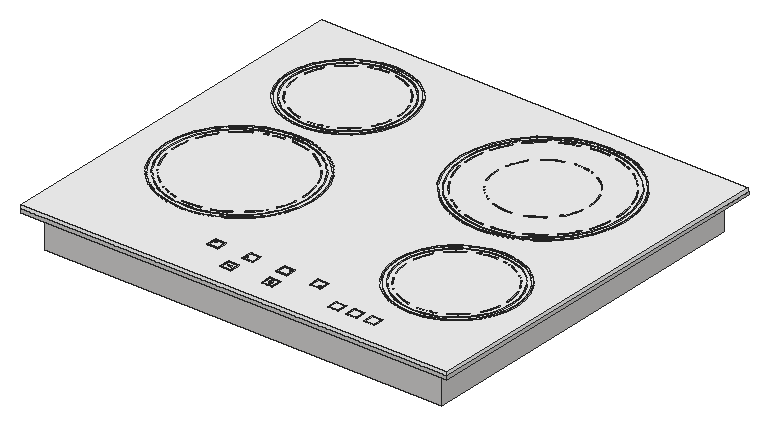
Revit family "QF_Summit_CR4B23T6W_4-Burner Radiant Cooktop", category Specialty Equipment, Revit 2020 (continued)
Lines and regions (in)
  symbolic lines
    curve 38: line (12.13249, -17.6738, 0) -> (12.64417, -17.6738, 0)
    curve 39: line (12.64417, -17.6738, 0) -> (12.64417, -18.18722, 0)
    curve 40: line (12.64417, -18.18722, 0) -> (12.13249, -18.18722, 0)
    curve 41: arc (12.62325, -17.76176, 0) -> (12.55315, -17.69165, 0) -> (12.48304, -17.76176, 0) r 0.07011
    curve 42: arc (12.48304, -17.76176, 0) -> (12.55315, -17.83186, 0) -> (12.62325, -17.76176, 0) r 0.07011
    curve 43: line (13.93701, -17.64255, 0) -> (13.93701, -18.21847, 0)
    curve 44: line (13.93701, -18.21847, 0) -> (14.5112, -18.21847, 0)
    curve 45: line (14.5112, -18.21847, 0) -> (14.5112, -17.64255, 0)
    curve 46: line (14.5112, -17.64255, 0) -> (13.93701, -17.64255, 0)
    curve 47: line (13.96826, -18.18722, 0) -> (13.96826, -17.6738, 0)
    curve 48: line (13.96826, -17.6738, 0) -> (14.47995, -17.6738, 0)
    curve 49: line (14.47995, -17.6738, 0) -> (14.47995, -18.18722, 0)
    curve 50: line (14.47995, -18.18722, 0) -> (13.96826, -18.18722, 0)
    curve 51: arc (14.31882, -18.0958, 0) -> (14.38892, -18.1659, 0) -> (14.45903, -18.0958, 0) r 0.07011
    curve 52: arc (14.45903, -18.0958, 0) -> (14.38892, -18.02569, 0) -> (14.31882, -18.0958, 0) r 0.07011
    curve 53: line (12.22453, -18.78451, 0) -> (12.22453, -19.36044, 0)
    curve 54: line (12.22453, -19.36044, 0) -> (12.79872, -19.36044, 0)
    curve 55: line (12.79872, -19.36044, 0) -> (12.79872, -18.78451, 0)
    curve 56: line (12.79872, -18.78451, 0) -> (12.22453, -18.78451, 0)
    curve 57: line (12.25578, -19.32919, 0) -> (12.25578, -18.81576, 0)
    curve 58: line (12.25578, -18.81576, 0) -> (12.76747, -18.81576, 0)
    curve 59: line (12.76747, -18.81576, 0) -> (12.76747, -19.32919, 0)
    curve 60: line (12.76747, -19.32919, 0) -> (12.25578, -19.32919, 0)
    curve 61: line (12.41209, -19.09821, 0) -> (12.48589, -19.09821, 0)
    curve 62: line (12.48589, -19.09821, 0) -> (12.48589, -19.17201, 0)
    curve 63: line (12.48589, -19.17201, 0) -> (12.53737, -19.17201, 0)
    curve 64: line (12.53737, -19.17201, 0) -> (12.53737, -19.09821, 0)
    curve 65: line (12.53737, -19.09821, 0) -> (12.61116, -19.09821, 0)
    curve 66: line (12.61116, -19.09821, 0) -> (12.61116, -19.04673, 0)
    curve 67: line (12.61116, -19.04673, 0) -> (12.53737, -19.04673, 0)
    curve 68: line (12.53737, -19.04673, 0) -> (12.53737, -18.97294, 0)
    curve 69: line (12.53737, -18.97294, 0) -> (12.48589, -18.97294, 0)
    curve 70: line (12.48589, -18.97294, 0) -> (12.48589, -19.04673, 0)
    curve 71: line (12.48589, -19.04673, 0) -> (12.41209, -19.04673, 0)
    curve 72: line (12.41209, -19.04673, 0) -> (12.41209, -19.09821, 0)
    curve 73: line (15.72453, -18.66732, 0) -> (15.72453, -19.24325, 0)
    curve 74: line (15.72453, -19.24325, 0) -> (16.29872, -19.24325, 0)
    curve 75: line (16.29872, -19.24325, 0) -> (16.29872, -18.66732, 0)
    curve 76: line (16.29872, -18.66732, 0) -> (15.72453, -18.66732, 0)
    curve 77: line (15.75578, -19.212, 0) -> (15.75578, -18.69857, 0)
    curve 78: line (15.75578, -18.69857, 0) -> (16.26747, -18.69857, 0)
    curve 79: line (16.26747, -18.69857, 0) -> (16.26747, -19.212, 0)
    curve 80: line (16.26747, -19.212, 0) -> (15.75578, -19.212, 0)
    curve 81: line (16.72474, -18.66732, 0) -> (16.72474, -19.24325, 0)
    curve 82: line (16.72474, -19.24325, 0) -> (17.29892, -19.24325, 0)
    curve 83: line (17.29892, -19.24325, 0) -> (17.29892, -18.66732, 0)
    curve 84: line (17.29892, -18.66732, 0) -> (16.72474, -18.66732, 0)
    curve 85: line (16.75599, -19.212, 0) -> (16.75599, -18.69857, 0)
    curve 86: line (16.75599, -18.69857, 0) -> (17.26767, -18.69857, 0)
    curve 87: line (17.26767, -18.69857, 0) -> (17.26767, -19.212, 0)
    curve 88: line (17.26767, -19.212, 0) -> (16.75599, -19.212, 0)
    curve 89: line (17.69832, -18.66732, 0) -> (17.69832, -19.24325, 0)
    curve 90: line (17.69832, -19.24325, 0) -> (18.27251, -19.24325, 0)
    curve 91: line (18.27251, -19.24325, 0) -> (18.27251, -18.66732, 0)
    curve 92: line (18.27251, -18.66732, 0) -> (17.69832, -18.66732, 0)
    curve 93: line (17.72957, -19.212, 0) -> (17.72957, -18.69857, 0)
    curve 94: line (17.72957, -18.69857, 0) -> (18.24126, -18.69857, 0)
    curve 95: line (18.24126, -18.69857, 0) -> (18.24126, -19.212, 0)
    curve 96: line (18.24126, -19.212, 0) -> (17.72957, -19.212, 0)
    curve 97: arc (8.29711, -4.48146, 0) -> (5.02416, -1.20852, 0) -> (1.75122, -4.48146, 0) r 3.27294
    curve 98: arc (1.75122, -4.48146, 0) -> (5.02416, -7.7544, 0) -> (8.29711, -4.48146, 0) r 3.27294
    curve 99: arc (1.81372, -4.48146, 0) -> (5.02416, -1.27102, 0) -> (8.23461, -4.48146, 0) r 3.21044
    curve 100: arc (8.23461, -4.48146, 0) -> (5.02416, -7.6919, 0) -> (1.81372, -4.48146, 0) r 3.21044
    curve 101: arc (8.02416, -4.48146, 0) -> (5.02416, -1.48146, 0) -> (2.02416, -4.48146, 0) r 3
    curve 102: arc (2.02416, -4.48146, 0) -> (5.02416, -7.48146, 0) -> (8.02416, -4.48146, 0) r 3
    curve 103: arc (2.05541, -4.48146, 0) -> (5.02416, -1.51271, 0) -> (7.99291, -4.48146, 0) r 2.96875
    curve 104: arc (7.99291, -4.48146, 0) -> (5.02416, -7.45021, 0) -> (2.05541, -4.48146, 0) r 2.96875
    curve 105: arc (2.94594, -2.72858, 0) -> (3.28602, -2.39089, 0) -> (3.68012, -2.11817, 0) r 2.71875
    curve 106: line (3.68012, -2.11817, 0) -> (3.66467, -2.091, 0)
    curve 107: arc (3.66467, -2.091, 0) -> (3.26605, -2.36686, 0) -> (2.92205, -2.70843, 0) r 2.75
    curve 108: line (2.92205, -2.70843, 0) -> (2.94594, -2.72858, 0)
    curve 109: arc (4.06533, -1.9374, 0) -> (4.55428, -1.80362, 0) -> (5.05956, -1.76294, 0) r 2.71875
    curve 110: line (5.05956, -1.76294, 0) -> (5.05956, -1.73169, 0)
    curve 111: arc (5.05956, -1.73169, 0) -> (4.54868, -1.77288, 0) -> (4.05431, -1.90816, 0) r 2.75
    curve 112: line (4.05431, -1.90816, 0) -> (4.06533, -1.9374, 0)
    curve 113: arc (5.46621, -1.79889, 0) -> (5.95821, -1.92819, 0) -> (6.4175, -2.14689, 0) r 2.71875
    curve 114: line (6.4175, -2.14689, 0) -> (6.43352, -2.12006, 0)
    curve 115: arc (6.43352, -2.12006, 0) -> (5.96894, -1.89884, 0) -> (5.47129, -1.76805, 0) r 2.75
    curve 116: line (5.47129, -1.76805, 0) -> (5.46621, -1.79889, 0)
    curve 117: arc (6.74991, -2.38064, 0) -> (7.09964, -2.72533, 0) -> (7.38168, -3.1273, 0) r 2.71875
    curve 118: line (7.38168, -3.1273, 0) -> (7.40877, -3.11174, 0)
    curve 119: arc (7.40877, -3.11174, 0) -> (7.12449, -2.70631, 0) -> (6.77211, -2.35844, 0) r 2.75
    curve 120: line (6.77211, -2.35844, 0) -> (6.74991, -2.38064, 0)
    curve 121: arc (7.56043, -3.5022, 0) -> (7.69421, -3.96914, 0) -> (7.74276, -4.45243, 0) r 2.71875
    curve 122: line (7.74276, -4.45243, 0) -> (7.77401, -4.45243, 0)
    curve 123: arc (7.77401, -4.45243, 0) -> (7.72493, -3.96341, 0) -> (7.58958, -3.49094, 0) r 2.75
    curve 124: line (7.58958, -3.49094, 0) -> (7.56043, -3.5022, 0)
    curve 125: arc (7.41509, -5.84013, 0) -> (7.61578, -5.40127, 0) -> (7.73666, -4.93408, 0) r 2.75
    curve 126: line (7.73666, -4.93408, 0) -> (7.70584, -4.92894, 0)
    curve 127: arc (7.70584, -4.92894, 0) -> (7.58633, -5.39082, 0) -> (7.38792, -5.82469, 0) r 2.71875
    curve 128: line (7.38792, -5.82469, 0) -> (7.41509, -5.84013, 0)
    curve 129: arc (6.37888, -6.87463, 0) -> (6.78223, -6.5961, 0) -> (7.12972, -6.25039, 0) r 2.75
    curve 130: line (7.12972, -6.25039, 0) -> (7.10754, -6.22821, 0)
    curve 131: arc (7.10754, -6.22821, 0) -> (6.76329, -6.5712, 0) -> (6.36348, -6.84743, 0) r 2.71875
    curve 132: line (6.36348, -6.84743, 0) -> (6.37888, -6.87463, 0)
    curve 133: arc (5.06746, -7.23112, 0) -> (5.54538, -7.18161, 0) -> (6.00738, -7.04969, 0) r 2.75
    curve 134: line (6.00738, -7.04969, 0) -> (5.99621, -7.0205, 0)
    curve 135: arc (5.99621, -7.0205, 0) -> (5.5397, -7.15088, 0) -> (5.06746, -7.19986, 0) r 2.71875
    curve 136: line (5.06746, -7.19986, 0) -> (5.06746, -7.23112, 0)
    curve 137: arc (3.65398, -6.8658, 0) -> (4.08108, -7.06469, 0) -> (4.53585, -7.18776, 0) r 2.75
    curve 138: line (4.53585, -7.18776, 0) -> (4.5414, -7.157, 0)
    curve 139: arc (4.5414, -7.157, 0) -> (4.09179, -7.03534, 0) -> (3.66955, -6.83871, 0) r 2.71875
    curve 140: line (3.66955, -6.83871, 0) -> (3.65398, -6.8658, 0)
    curve 141: arc (2.64249, -5.85628, 0) -> (2.91735, -6.24889, 0) -> (3.25619, -6.58782, 0) r 2.75
    curve 142: line (3.25619, -6.58782, 0) -> (3.27837, -6.56564, 0)
    curve 143: arc (3.27837, -6.56564, 0) -> (2.94216, -6.22985, 0) -> (2.66955, -5.84065, 0) r 2.71875
    curve 144: line (2.66955, -5.84065, 0) -> (2.64249, -5.85628, 0)
    curve 145: arc (2.27472, -4.53648, 0) -> (2.32177, -4.99094, 0) -> (2.44342, -5.43133, 0) r 2.75
    curve 146: line (2.44342, -5.43133, 0) -> (2.47275, -5.42053, 0)
    curve 147: arc (2.47275, -5.42053, 0) -> (2.35254, -4.98545, 0) -> (2.30597, -4.53648, 0) r 2.71875
    curve 148: line (2.30597, -4.53648, 0) -> (2.27472, -4.53648, 0)
    curve 149: arc (2.63166, -3.12558, 0) -> (2.43223, -3.56255, 0) -> (2.31188, -4.02755, 0) r 2.75
    curve 150: line (2.31188, -4.02755, 0) -> (2.3427, -4.03271, 0)
    curve 151: arc (2.3427, -4.03271, 0) -> (2.46169, -3.57299, 0) -> (2.65884, -3.14099, 0) r 2.71875
    curve 152: line (2.65884, -3.14099, 0) -> (2.63166, -3.12558, 0)
    curve 153: arc (9.51703, -12.45252, 0) -> (5.49373, -8.42922, 0) -> (1.47043, -12.45252, 0) r 4.0233
    curve 154: arc (1.47043, -12.45252, 0) -> (5.49373, -16.47583, 0) -> (9.51703, -12.45252, 0) r 4.0233
    curve 155: arc (9.45453, -12.45252, 0) -> (5.49373, -16.41333, 0) -> (1.53293, -12.45252, 0) r 3.9608
    curve 156: arc (1.53293, -12.45252, 0) -> (5.49373, -8.49172, 0) -> (9.45453, -12.45252, 0) r 3.9608
    curve 157: arc (1.74373, -12.45252, 0) -> (5.49373, -16.20252, 0) -> (9.24373, -12.45252, 0) r 3.75
    curve 158: arc (9.24373, -12.45252, 0) -> (5.49373, -8.70252, 0) -> (1.74373, -12.45252, 0) r 3.75
    curve 159: arc (9.21248, -12.45252, 0) -> (5.49373, -16.17127, 0) -> (1.77498, -12.45252, 0) r 3.71875
    curve 160: arc (1.77498, -12.45252, 0) -> (5.49373, -8.73377, 0) -> (9.21248, -12.45252, 0) r 3.71875
    curve 161: arc (2.07685, -11.69427, 0) -> (2.0026, -12.20348, 0) -> (2.00382, -12.71807, 0) r 3.5
    curve 162: line (2.00382, -12.71807, 0) -> (2.03498, -12.7157, 0)
    curve 163: arc (2.03498, -12.7157, 0) -> (2.03377, -12.2057, 0) -> (2.10736, -11.70104, 0) r 3.46875
    curve 164: line (2.10736, -11.70104, 0) -> (2.07685, -11.69427, 0)
    curve 165: arc (2.22533, -11.29072, 0) -> (2.43021, -10.82553, 0) -> (2.70088, -10.39529, 0) r 3.46875
    curve 166: line (2.70088, -10.39529, 0) -> (2.67572, -10.37675, 0)
    curve 167: arc (2.67572, -10.37675, 0) -> (2.40261, -10.81087, 0) -> (2.19589, -11.28025, 0) r 3.5
    curve 168: line (2.19589, -11.28025, 0) -> (2.22533, -11.29072, 0)
    curve 169: arc (3.00641, -10.03478, 0) -> (3.37494, -9.70608, 0) -> (3.78641, -9.43304, 0) r 3.46875
    curve 170: line (3.78641, -9.43304, 0) -> (3.77103, -9.40583, 0)
    curve 171: arc (3.77103, -9.40583, 0) -> (3.35602, -9.6812, 0) -> (2.98431, -10.01269, 0) r 3.5
    curve 172: line (2.98431, -10.01269, 0) -> (3.00641, -10.03478, 0)
    curve 173: arc (4.24314, -9.21705, 0) -> (4.70254, -9.07521, 0) -> (5.17714, -8.99825, 0) r 3.46875
    curve 174: line (5.17714, -8.99825, 0) -> (5.17428, -8.96713, 0)
    curve 175: arc (5.17428, -8.96713, 0) -> (4.69541, -9.04478, 0) -> (4.23188, -9.1879, 0) r 3.5
    curve 176: line (4.23188, -9.1879, 0) -> (4.24314, -9.21705, 0)
    curve 177: arc (5.62341, -8.9862, 0) -> (6.12291, -9.04131, 0) -> (6.6092, -9.16802, 0) r 3.46875
    curve 178: line (6.6092, -9.16802, 0) -> (6.61925, -9.13843, 0)
    curve 179: arc (6.61925, -9.13843, 0) -> (6.12858, -9.01058, 0) -> (5.62458, -8.95497, 0) r 3.5
    curve 180: line (5.62458, -8.95497, 0) -> (5.62341, -8.9862, 0)
    curve 181: arc (6.97597, -9.31641, 0) -> (7.43828, -9.58008, 0) -> (7.85482, -9.91136, 0) r 3.46875
    curve 182: line (7.85482, -9.91136, 0) -> (7.87693, -9.88925, 0)
    curve 183: arc (7.87693, -9.88925, 0) -> (7.45628, -9.55452, 0) -> (6.98932, -9.28816, 0) r 3.5
    curve 184: line (6.98932, -9.28816, 0) -> (6.97597, -9.31641, 0)
    curve 185: arc (8.14952, -10.22115, 0) -> (8.44405, -10.62828, 0) -> (8.67666, -11.07369, 0) r 3.46875
    curve 186: line (8.67666, -11.07369, 0) -> (8.70534, -11.06127, 0)
    curve 187: arc (8.70534, -11.06127, 0) -> (8.47063, -10.61185, 0) -> (8.17345, -10.20105, 0) r 3.5
    curve 188: line (8.17345, -10.20105, 0) -> (8.14952, -10.22115, 0)
    curve 189: arc (8.79832, -11.39806, 0) -> (8.92287, -11.92981, 0) -> (8.96241, -12.47451, 0) r 3.46875
    curve 190: line (8.96241, -12.47451, 0) -> (8.99366, -12.47451, 0)
    curve 191: arc (8.99366, -12.47451, 0) -> (8.95375, -11.925, 0) -> (8.8281, -11.38856, 0) r 3.5
    curve 192: line (8.8281, -11.38856, 0) -> (8.79832, -11.39806, 0)
    curve 193: arc (8.93205, -12.911, 0) -> (8.83208, -13.39467, 0) -> (8.66444, -13.85923, 0) r 3.46875
    curve 194: line (8.66444, -13.85923, 0) -> (8.693, -13.8719, 0)
    curve 195: arc (8.693, -13.8719, 0) -> (8.86216, -13.40315, 0) -> (8.96302, -12.91513, 0) r 3.5
    curve 196: line (8.96302, -12.91513, 0) -> (8.93205, -12.911, 0)
    curve 197: arc (8.45572, -14.25774, 0) -> (8.16651, -14.66351, 0) -> (7.82214, -15.02366, 0) r 3.46875
    curve 198: line (7.82214, -15.02366, 0) -> (7.84426, -15.04578, 0)
    curve 199: arc (7.84426, -15.04578, 0) -> (8.19108, -14.68284, 0) -> (8.48241, -14.27401, 0) r 3.5
    curve 200: line (8.48241, -14.27401, 0) -> (8.45572, -14.25774, 0)
    curve 201: arc (7.44075, -15.32329, 0) -> (7.02144, -15.56673, 0) -> (6.57229, -15.74933, 0) r 3.46875
    curve 202: line (6.57229, -15.74933, 0) -> (6.58201, -15.77903, 0)
    curve 203: arc (6.58201, -15.77903, 0) -> (7.03521, -15.59479, 0) -> (7.45829, -15.34916, 0) r 3.5
    curve 204: line (7.45829, -15.34916, 0) -> (7.44075, -15.32329, 0)
    curve 205: arc (6.14917, -15.85878, 0) -> (5.66334, -15.91712, 0) -> (5.17413, -15.90652, 0) r 3.46875
    curve 206: line (5.17413, -15.90652, 0) -> (5.17125, -15.93763, 0)
    curve 207: arc (5.17125, -15.93763, 0) -> (5.66487, -15.94833, 0) -> (6.15508, -15.88947, 0) r 3.5
    curve 208: line (6.15508, -15.88947, 0) -> (6.14917, -15.85878, 0)
    curve 209: arc (4.7135, -15.83238, 0) -> (4.23312, -15.6841, 0) -> (3.77922, -15.46793, 0) r 3.46875
    curve 210: line (3.77922, -15.46793, 0) -> (3.76378, -15.4951, 0)
    curve 211: arc (3.76378, -15.4951, 0) -> (4.22176, -15.71321, 0) -> (4.70647, -15.86283, 0) r 3.5
    curve 212: line (4.70647, -15.86283, 0) -> (4.7135, -15.83238, 0)
    curve 213: arc (3.40954, -15.22531, 0) -> (3.01147, -14.87546, 0) -> (2.67135, -14.46905, 0) r 3.46875
    curve 214: line (2.67135, -14.46905, 0) -> (2.64592, -14.48721, 0)
    curve 215: arc (2.64592, -14.48721, 0) -> (2.98911, -14.89729, 0) -> (3.39076, -15.25029, 0) r 3.5
    curve 216: line (3.39076, -15.25029, 0) -> (3.40954, -15.22531, 0)
    curve 217: arc (2.45445, -14.12435, 0) -> (2.24551, -13.66962, 0) -> (2.10419, -13.18956, 0) r 3.46875
    curve 218: line (2.10419, -13.18956, 0) -> (2.07365, -13.1962, 0)
    curve 219: arc (2.07365, -13.1962, 0) -> (2.21625, -13.68058, 0) -> (2.42707, -14.13941, 0) r 3.5
    curve 220: line (2.42707, -14.13941, 0) -> (2.45445, -14.12435, 0)
    curve 221: arc (11.94148, -5.50786, 0) -> (16.47498, -10.04135, 0) -> (21.00847, -5.50786, 0) r 4.53349
    curve 222: arc (21.00847, -5.50786, 0) -> (16.47498, -0.97437, 0) -> (11.94148, -5.50786, 0) r 4.53349
    curve 223: arc (20.94597, -5.50786, 0) -> (16.47498, -9.97885, 0) -> (12.00398, -5.50786, 0) r 4.47099
    curve 224: arc (12.00398, -5.50786, 0) -> (16.47498, -1.03687, 0) -> (20.94597, -5.50786, 0) r 4.47099
    curve 225: arc (12.19548, -5.50786, 0) -> (16.47498, -9.78735, 0) -> (20.75447, -5.50786, 0) r 4.2795
    curve 226: arc (20.75447, -5.50786, 0) -> (16.47498, -1.22836, 0) -> (12.19548, -5.50786, 0) r 4.2795
    curve 227: arc (20.72322, -5.50786, 0) -> (16.47498, -9.7561, 0) -> (12.22673, -5.50786, 0) r 4.24825
    curve 228: arc (12.22673, -5.50786, 0) -> (16.47498, -1.25961, 0) -> (20.72322, -5.50786, 0) r 4.24825
    curve 229: arc (20.24694, -6.98257, 0) -> (20.40575, -6.48333, 0) -> (20.49878, -5.96776, 0) r 4.05
    curve 230: line (20.49878, -5.96776, 0) -> (20.46773, -5.96422, 0)
    curve 231: arc (20.46773, -5.96422, 0) -> (20.37542, -6.4758, 0) -> (20.21784, -6.97119, 0) r 4.01875
    curve 232: line (20.21784, -6.97119, 0) -> (20.24694, -6.98257, 0)
    curve 233: arc (20.5249, -5.48278, 0) -> (20.4896, -4.97371, 0) -> (20.39056, -4.47311, 0) r 4.05
    curve 234: line (20.39056, -4.47311, 0) -> (20.36035, -4.48109, 0)
    curve 235: arc (20.36035, -4.48109, 0) -> (20.45861, -4.97773, 0) -> (20.49365, -5.48278, 0) r 4.01875
    curve 236: line (20.49365, -5.48278, 0) -> (20.5249, -5.48278, 0)
    curve 237: arc (20.29887, -4.17356, 0) -> (20.07206, -3.64681, 0) -> (19.77312, -3.15738, 0) r 4.05
    curve 238: line (19.77312, -3.15738, 0) -> (19.74767, -3.17552, 0)
    curve 239: arc (19.74767, -3.17552, 0) -> (20.04431, -3.66117, 0) -> (20.26936, -4.18386, 0) r 4.01875
    curve 240: line (20.26936, -4.18386, 0) -> (20.29887, -4.17356, 0)
    curve 241: arc (19.4809, -2.79365, 0) -> (19.0995, -2.42332, 0) -> (18.67289, -2.10614, 0) r 4.05
    curve 242: line (18.67289, -2.10614, 0) -> (18.65593, -2.13239, 0)
    curve 243: arc (18.65593, -2.13239, 0) -> (19.07986, -2.44764, 0) -> (19.45877, -2.81577, 0) r 4.01875
    curve 244: line (19.45877, -2.81577, 0) -> (19.4809, -2.79365, 0)
    curve 245: arc (18.30983, -1.89734, 0) -> (17.82494, -1.68947, 0) -> (17.31714, -1.54639, 0) r 4.05
    curve 246: line (17.31714, -1.54639, 0) -> (17.31064, -1.57695, 0)
    curve 247: arc (17.31064, -1.57695, 0) -> (17.81452, -1.71893, 0) -> (18.29567, -1.9252, 0) r 4.01875
    curve 248: line (18.29567, -1.9252, 0) -> (18.30983, -1.89734, 0)
    curve 249: arc (16.89611, -1.47981, 0) -> (16.38419, -1.45887, 0) -> (15.87373, -1.50274, 0) r 4.05
    curve 250: line (15.87373, -1.50274, 0) -> (15.87837, -1.53364, 0)
    curve 251: arc (15.87837, -1.53364, 0) -> (16.38489, -1.49012, 0) -> (16.89286, -1.51089, 0) r 4.01875
    curve 252: line (16.89286, -1.51089, 0) -> (16.89611, -1.47981, 0)
    curve 253: arc (15.41925, -1.59788, 0) -> (14.94707, -1.75712, 0) -> (14.49801, -1.97316, 0) r 4.05
    curve 254: line (14.49801, -1.97316, 0) -> (14.51327, -2.00043, 0)
    curve 255: arc (14.51327, -2.00043, 0) -> (14.95886, -1.78607, 0) -> (15.4274, -1.62805, 0) r 4.01875
    curve 256: line (15.4274, -1.62805, 0) -> (15.41925, -1.59788, 0)
    curve 257: arc (14.05739, -2.25859, 0) -> (13.65553, -2.60042, 0) -> (13.30151, -2.99159, 0) r 4.05
    curve 258: line (13.30151, -2.99159, 0) -> (13.326, -3.011, 0)
    curve 259: arc (13.326, -3.011, 0) -> (13.67893, -2.62126, 0) -> (14.07972, -2.28092, 0) r 4.01875
    curve 260: line (14.07972, -2.28092, 0) -> (14.05739, -2.25859, 0)
    curve 261: arc (13.05541, -3.33781, 0) -> (12.80219, -3.80106, 0) -> (12.61138, -4.29331, 0) r 4.05
    curve 262: line (12.61138, -4.29331, 0) -> (12.64119, -4.30268, 0)
    curve 263: arc (12.64119, -4.30268, 0) -> (12.83053, -3.81423, 0) -> (13.0818, -3.35456, 0) r 4.01875
    curve 264: line (13.0818, -3.35456, 0) -> (13.05541, -3.33781, 0)
    curve 265: arc (12.50665, -4.6986, 0) -> (12.43525, -5.21953, 0) -> (12.43194, -5.74532, 0) r 4.05
    curve 266: line (12.43194, -5.74532, 0) -> (12.46325, -5.74532, 0)
    curve 267: arc (12.46325, -5.74532, 0) -> (12.46636, -5.22267, 0) -> (12.53727, -4.70485, 0) r 4.01875
    curve 268: line (12.53727, -4.70485, 0) -> (12.50665, -4.6986, 0)
    curve 269: arc (12.48875, -6.22376, 0) -> (12.61108, -6.72146, 0) -> (12.79529, -7.19973, 0) r 4.05
    curve 270: line (12.79529, -7.19973, 0) -> (12.82368, -7.18667, 0)
    curve 271: arc (12.82368, -7.18667, 0) -> (12.6409, -6.7121, 0) -> (12.51951, -6.21824, 0) r 4.01875
    curve 272: line (12.51951, -6.21824, 0) -> (12.48875, -6.22376, 0)
    curve 273: arc (12.9904, -7.57189, 0) -> (13.29257, -8.01281, 0) -> (13.65016, -8.41009, 0) r 4.05
    curve 274: line (13.65016, -8.41009, 0) -> (13.67226, -8.38799, 0)
    curve 275: arc (13.67226, -8.38799, 0) -> (13.31725, -7.99364, 0) -> (13.01729, -7.55596, 0) r 4.01875
    curve 276: line (13.01729, -7.55596, 0) -> (12.9904, -7.57189, 0)
    curve 277: arc (14.03384, -8.73948, 0) -> (14.44951, -9.01499, 0) -> (14.8959, -9.23733, 0) r 4.05
    curve 278: line (14.8959, -9.23733, 0) -> (14.90808, -9.20856, 0)
    curve 279: arc (14.90808, -9.20856, 0) -> (14.46703, -8.98902, 0) -> (14.05616, -8.71716, 0) r 4.01875
    curve 280: line (14.05616, -8.71716, 0) -> (14.03384, -8.73948, 0)
    curve 281: arc (15.32884, -9.3923, 0) -> (15.86304, -9.51136, 0) -> (16.40843, -9.55731, 0) r 4.05
    curve 282: line (16.40843, -9.55731, 0) -> (16.40843, -9.52606, 0)
    curve 283: arc (16.40843, -9.52606, 0) -> (15.86751, -9.48043, 0) -> (15.33768, -9.36232, 0) r 4.01875
    curve 284: line (15.33768, -9.36232, 0) -> (15.32884, -9.3923, 0)
    curve 285: arc (16.83583, -9.54175, 0) -> (17.37487, -9.45662, 0) -> (17.89756, -9.29979, 0) r 4.05
    curve 286: line (17.89756, -9.29979, 0) -> (17.88659, -9.27053, 0)
    curve 287: arc (17.88659, -9.27053, 0) -> (17.36792, -9.42615, 0) -> (16.83305, -9.51062, 0) r 4.01875
    curve 288: line (16.83305, -9.51062, 0) -> (16.83583, -9.54175, 0)
    curve 289: arc (18.27905, -9.13385, 0) -> (18.74045, -8.86496, 0) -> (19.16245, -8.53771, 0) r 4.05
    curve 290: line (19.16245, -8.53771, 0) -> (19.14031, -8.51557, 0)
    curve 291: arc (19.14031, -8.51557, 0) -> (18.72219, -8.83958, 0) -> (18.26513, -9.10587, 0) r 4.01875
    curve 292: line (18.26513, -9.10587, 0) -> (18.27905, -9.13385, 0)
    curve 293: arc (14.45456, -3.99708, 0) -> (14.17778, -4.46507, 0) -> (14.0077, -4.98149, 0) r 2.5228
    curve 294: line (14.0077, -4.98149, 0) -> (14.03826, -4.98801, 0)
    curve 295: arc (14.03826, -4.98801, 0) -> (14.20623, -4.47798, 0) -> (14.47959, -4.01579, 0) r 2.49155
    curve 296: line (14.47959, -4.01579, 0) -> (14.45456, -3.99708, 0)
    curve 297: arc (13.95271, -5.45578, 0) -> (13.99452, -5.96816, 0) -> (14.13933, -6.46142, 0) r 2.5228
    curve 298: line (14.13933, -6.46142, 0) -> (14.16826, -6.44961, 0)
    curve 299: arc (14.16826, -6.44961, 0) -> (14.02519, -5.96214, 0) -> (13.98397, -5.45578, 0) r 2.49155
    curve 300: line (13.98397, -5.45578, 0) -> (13.95271, -5.45578, 0)
    curve 301: arc (14.41444, -6.96344, 0) -> (14.77633, -7.3731, 0) -> (15.21797, -7.6952, 0) r 2.5228
    curve 302: line (15.21797, -7.6952, 0) -> (15.23354, -7.66811, 0)
    curve 303: arc (15.23354, -7.66811, 0) -> (14.79737, -7.35, 0) -> (14.43996, -6.94541, 0) r 2.49155
    curve 304: line (14.43996, -6.94541, 0) -> (14.41444, -6.96344, 0)
    curve 305: arc (15.67754, -7.90131, 0) -> (16.21601, -8.01733, 0) -> (16.76683, -8.01372, 0) r 2.5228
    curve 306: line (16.76683, -8.01372, 0) -> (16.76322, -7.98268, 0)
    curve 307: arc (16.76322, -7.98268, 0) -> (16.21922, -7.98625, 0) -> (15.68742, -7.87166, 0) r 2.49155
    curve 308: line (15.68742, -7.87166, 0) -> (15.67754, -7.90131, 0)
    curve 309: arc (17.33009, -7.88132, 0) -> (17.78599, -7.66326, 0) -> (18.18928, -7.35872, 0) r 2.5228
    curve 310: line (18.18928, -7.35872, 0) -> (18.16717, -7.3366, 0)
    curve 311: arc (18.16717, -7.3366, 0) -> (17.76803, -7.63761, 0) -> (17.31683, -7.85288, 0) r 2.49155
    curve 312: line (17.31683, -7.85288, 0) -> (17.33009, -7.88132, 0)
    curve 313: arc (18.53714, -6.96113, 0) -> (18.81233, -6.45723, 0) -> (18.96646, -5.90416, 0) r 2.5228
    curve 314: line (18.96646, -5.90416, 0) -> (18.93559, -5.89925, 0)
    curve 315: arc (18.93559, -5.89925, 0) -> (18.78439, -6.44296, 0) -> (18.51471, -6.9387, 0) r 2.49155
    curve 316: line (18.51471, -6.9387, 0) -> (18.53714, -6.96113, 0)
    curve 317: arc (18.99723, -5.45535, 0) -> (18.93331, -4.94118, 0) -> (18.76569, -4.4509, 0) r 2.5228
    curve 318: line (18.76569, -4.4509, 0) -> (18.73732, -4.46399, 0)
    curve 319: arc (18.73732, -4.46399, 0) -> (18.90279, -4.94788, 0) -> (18.96598, -5.45535, 0) r 2.49155
    curve 320: line (18.96598, -5.45535, 0) -> (18.99723, -5.45535, 0)
    curve 321: arc (18.51426, -4.02264, 0) -> (18.14946, -3.62089, 0) -> (17.70718, -3.30645, 0) r 2.5228
    curve 322: line (17.70718, -3.30645, 0) -> (17.69191, -3.33371, 0)
    curve 323: arc (17.69191, -3.33371, 0) -> (18.12871, -3.64426, 0) -> (18.489, -4.04104, 0) r 2.49155
    curve 324: line (18.489, -4.04104, 0) -> (18.51426, -4.02264, 0)
    curve 325: arc (16.21702, -2.99828, 0) -> (16.74748, -2.99982, 0) -> (17.26589, -3.11224, 0) r 2.5228
    curve 326: line (17.26589, -3.11224, 0) -> (17.2561, -3.14191, 0)
    curve 327: arc (17.2561, -3.14191, 0) -> (16.74411, -3.03088, 0) -> (16.22022, -3.02936, 0) r 2.49155
    curve 328: line (16.22022, -3.02936, 0) -> (16.21702, -2.99828, 0)
    curve 329: arc (15.73828, -3.09501, 0) -> (15.2495, -3.3027, 0) -> (14.81502, -3.6081, 0) r 2.5228
    curve 330: line (14.81502, -3.6081, 0) -> (14.83717, -3.63025, 0)
    curve 331: arc (14.83717, -3.63025, 0) -> (15.2656, -3.3295, 0) -> (15.74741, -3.1249, 0) r 2.49155
    curve 332: line (15.74741, -3.1249, 0) -> (15.73828, -3.09501, 0)
    curve 333: arc (21.9927, -14.19071, 0) -> (18.71975, -10.91776, 0) -> (15.44681, -14.19071, 0) r 3.27294
    curve 334: arc (15.44681, -14.19071, 0) -> (18.71975, -17.46365, 0) -> (21.9927, -14.19071, 0) r 3.27294
    curve 335: arc (15.50931, -14.19071, 0) -> (18.71975, -10.98026, 0) -> (21.9302, -14.19071, 0) r 3.21044
    curve 336: arc (21.9302, -14.19071, 0) -> (18.71975, -17.40115, 0) -> (15.50931, -14.19071, 0) r 3.21044
    curve 337: arc (21.71975, -14.19071, 0) -> (18.71975, -11.19071, 0) -> (15.71975, -14.19071, 0) r 3
    curve 338: arc (15.71975, -14.19071, 0) -> (18.71975, -17.19071, 0) -> (21.71975, -14.19071, 0) r 3
    curve 339: arc (15.751, -14.19071, 0) -> (18.71975, -11.22196, 0) -> (21.6885, -14.19071, 0) r 2.96875
    curve 340: arc (21.6885, -14.19071, 0) -> (18.71975, -17.15946, 0) -> (15.751, -14.19071, 0) r 2.96875
    curve 341: arc (16.03829, -13.74196, 0) -> (16.15727, -13.28224, 0) -> (16.35443, -12.85024, 0) r 2.71875
    curve 342: line (16.35443, -12.85024, 0) -> (16.32724, -12.83483, 0)
    curve 343: arc (16.32724, -12.83483, 0) -> (16.12782, -13.2718, 0) -> (16.00747, -13.7368, 0) r 2.75
    curve 344: line (16.00747, -13.7368, 0) -> (16.03829, -13.74196, 0)
    curve 345: arc (16.64153, -12.43783, 0) -> (16.98161, -12.10014, 0) -> (17.37571, -11.82741, 0) r 2.71875
    curve 346: line (17.37571, -11.82741, 0) -> (17.36026, -11.80025, 0)
    curve 347: arc (17.36026, -11.80025, 0) -> (16.96163, -12.07611, 0) -> (16.61764, -12.41768, 0) r 2.75
    curve 348: line (16.61764, -12.41768, 0) -> (16.64153, -12.43783, 0)
    curve 349: arc (17.76092, -11.64665, 0) -> (18.24987, -11.51287, 0) -> (18.75515, -11.47219, 0) r 2.71875
    curve 350: line (18.75515, -11.47219, 0) -> (18.75515, -11.44093, 0)
    curve 351: arc (18.75515, -11.44093, 0) -> (18.24426, -11.48212, 0) -> (17.7499, -11.6174, 0) r 2.75
    curve 352: line (17.7499, -11.6174, 0) -> (17.76092, -11.64665, 0)
    curve 353: arc (19.1618, -11.50813, 0) -> (19.65379, -11.63744, 0) -> (20.11309, -11.85614, 0) r 2.71875
    curve 354: line (20.11309, -11.85614, 0) -> (20.12911, -11.8293, 0)
    curve 355: arc (20.12911, -11.8293, 0) -> (19.66453, -11.60809, 0) -> (19.16688, -11.4773, 0) r 2.75
    curve 356: line (19.16688, -11.4773, 0) -> (19.1618, -11.50813, 0)
    curve 357: arc (21.10436, -12.82098, 0) -> (20.82008, -12.41556, 0) -> (20.46769, -12.06769, 0) r 2.75
    curve 358: line (20.46769, -12.06769, 0) -> (20.44549, -12.08989, 0)
    curve 359: arc (20.44549, -12.08989, 0) -> (20.79523, -12.43458, 0) -> (21.07726, -12.83655, 0) r 2.71875
    curve 360: line (21.07726, -12.83655, 0) -> (21.10436, -12.82098, 0)
    curve 361: arc (21.4696, -14.16168, 0) -> (21.42052, -13.67266, 0) -> (21.28517, -13.20019, 0) r 2.75
    curve 362: line (21.28517, -13.20019, 0) -> (21.25602, -13.21144, 0)
    curve 363: arc (21.25602, -13.21144, 0) -> (21.38979, -13.67838, 0) -> (21.43835, -14.16168, 0) r 2.71875
    curve 364: line (21.43835, -14.16168, 0) -> (21.4696, -14.16168, 0)
    curve 365: arc (21.11067, -15.54938, 0) -> (21.31136, -15.11052, 0) -> (21.43225, -14.64333, 0) r 2.75
    curve 366: line (21.43225, -14.64333, 0) -> (21.40142, -14.63819, 0)
    curve 367: arc (21.40142, -14.63819, 0) -> (21.28191, -15.10006, 0) -> (21.0835, -15.53394, 0) r 2.71875
    curve 368: line (21.0835, -15.53394, 0) -> (21.11067, -15.54938, 0)
    curve 369: arc (20.07447, -16.58387, 0) -> (20.47782, -16.30535, 0) -> (20.82531, -15.95964, 0) r 2.75
    curve 370: line (20.82531, -15.95964, 0) -> (20.80313, -15.93746, 0)
    curve 371: arc (20.80313, -15.93746, 0) -> (20.45888, -16.28045, 0) -> (20.05907, -16.55668, 0) r 2.71875
    curve 372: line (20.05907, -16.55668, 0) -> (20.07447, -16.58387, 0)
    curve 373: arc (18.76305, -16.94037, 0) -> (19.24097, -16.89086, 0) -> (19.70297, -16.75893, 0) r 2.75
    curve 374: line (19.70297, -16.75893, 0) -> (19.6918, -16.72975, 0)
    curve 375: arc (19.6918, -16.72975, 0) -> (19.23528, -16.86013, 0) -> (18.76305, -16.90911, 0) r 2.71875
    curve 376: line (18.76305, -16.90911, 0) -> (18.76305, -16.94037, 0)
    curve 377: arc (17.34957, -16.57505, 0) -> (17.77666, -16.77394, 0) -> (18.23144, -16.897, 0) r 2.75
    curve 378: line (18.23144, -16.897, 0) -> (18.23699, -16.86625, 0)
    curve 379: arc (18.23699, -16.86625, 0) -> (17.78738, -16.74458, 0) -> (17.36514, -16.54796, 0) r 2.71875
    curve 380: line (17.36514, -16.54796, 0) -> (17.34957, -16.57505, 0)
    curve 381: arc (16.33808, -15.56552, 0) -> (16.61293, -15.95814, 0) -> (16.95178, -16.29707, 0) r 2.75
    curve 382: line (16.95178, -16.29707, 0) -> (16.97396, -16.27489, 0)
    curve 383: arc (16.97396, -16.27489, 0) -> (16.63775, -15.9391, 0) -> (16.36514, -15.5499, 0) r 2.71875
    curve 384: line (16.36514, -15.5499, 0) -> (16.33808, -15.56552, 0)
    curve 385: arc (15.9703, -14.24573, 0) -> (16.01736, -14.70018, 0) -> (16.13901, -15.14058, 0) r 2.75
    curve 386: line (16.13901, -15.14058, 0) -> (16.16833, -15.12978, 0)
    curve 387: arc (16.16833, -15.12978, 0) -> (16.04813, -14.6947, 0) -> (16.00156, -14.24573, 0) r 2.71875
    curve 388: line (16.00156, -14.24573, 0) -> (15.9703, -14.24573, 0)
    curve 389: line (0, 0, 0) -> (23.25, 0, 0)
    curve 390: line (0, -20.5, 0) -> (0, 0, 0)
    curve 391: line (23.25, -20.5, 0) -> (0, -20.5, 0)
    curve 392: line (23.25, 0, 0) -> (23.25, -20.5, 0)
Dimensions and locks (in)
  equal spacing: plane 3 "LEFT", plane 7 "Center Y", plane 4 "RIGHT"
  "Length": plane 3 "LEFT" to plane 4 "RIGHT"
  equal spacing: plane 5 "FRONT", plane 8 "Center X", plane 1 "BACK"
  "Depth": plane 5 "FRONT" to plane 1 "BACK"
  "Height": plane 6 "TOP" to level
  plane 10 to plane 11 = 21 5/8"
  plane 13 to plane 12 = 19 1/4"
  locked: plane 14 to plane 11 at 8
  plane 9 to plane 6 "TOP" = 3/16"
  aligned and locked: level to plane 2
Automatic sketch dimensions
  plane 12 to Extrusion 4 sketch curve = 1/16"
  Extrusion 4 sketch curve to plane 12 = 0"
  Extrusion 4 sketch curve to plane 11 = 0"
  Extrusion 4 sketch curve to Extrusion 4 sketch curve = 1/16"  (x3)
  Extrusion 4 sketch curve to plane 10 = 1/16"
  plane 13 to Extrusion 4 sketch curve = 1/16"
  Extrusion 3 sketch curve to plane 10 = 1/16"
  Extrusion 3 sketch curve to plane 11 = 1/16"
  plane 13 to Extrusion 3 sketch curve = 1/16"
  plane 12 to Extrusion 3 sketch curve = 1/16"
  Extrusion 4 to Extrusion 5 sketch curve = 31/32"
  Extrusion 5 sketch curve to Extrusion 4 = 8"
  Extrusion 2 sketch curve to Extrusion 2 sketch curve = 0"  (x294)
  Extrusion 2 sketch curve to plane 11 = 0.9679"
  Extrusion 2 sketch curve to Extrusion 2 sketch curve = 1/32"  (x47)
  Extrusion 2 sketch curve to Extrusion 2 sketch curve = 0.0061"  (x2)
  Extrusion 2 sketch curve to Extrusion 2 sketch curve = 0.03082"  (x4)
  Extrusion 2 sketch curve to Extrusion 2 sketch curve = 0.15318"  (x2)
  Extrusion 2 sketch curve to Extrusion 2 sketch curve = 0.02915"  (x2)
  Extrusion 2 sketch curve to Extrusion 2 sketch curve = 0.29075"  (x2)
  Extrusion 2 sketch curve to Extrusion 2 sketch curve = 0.15166"  (x2)
  Extrusion 2 sketch curve to Extrusion 2 sketch curve = 0.02717"  (x3)
  Extrusion 2 sketch curve to Extrusion 2 sketch curve = 0.0271"  (x2)
  Extrusion 2 sketch curve to Extrusion 2 sketch curve = 0.25819"  (x2)
  Extrusion 2 sketch curve to Extrusion 2 sketch curve = 0.02218"  (x5)
  Extrusion 2 sketch curve to plane 11 = 1.9126"
  Extrusion 2 sketch curve to Extrusion 2 sketch curve = 0.02612"
  Extrusion 2 sketch curve to Extrusion 2 sketch curve = 0.03105"
  Extrusion 2 sketch curve to Extrusion 2 sketch curve = 0.60957"  (x2)
  Extrusion 2 sketch curve to Extrusion 2 sketch curve = 0.0222"  (x3)
  Extrusion 2 sketch curve to Extrusion 2 sketch curve = 0.10309"
  Extrusion 2 sketch curve to Extrusion 2 sketch curve = 0.03021"
  Extrusion 2 sketch curve to Extrusion 2 sketch curve = 0.09169"
  Extrusion 2 sketch curve to Extrusion 2 sketch curve = 0.02951"
  Extrusion 2 sketch curve to Extrusion 2 sketch curve = 0.22079"
  Extrusion 2 sketch curve to Extrusion 2 sketch curve = 0.0291"
  Extrusion 2 sketch curve to Extrusion 2 sketch curve = 81/256"  (x2)
  Extrusion 2 sketch curve to Extrusion 2 sketch curve = 0.01602"  (x2)
  Extrusion 2 sketch curve to Extrusion 2 sketch curve = 0.72866"  (x2)
  Extrusion 2 sketch curve to Extrusion 2 sketch curve = 0.14772"
  Extrusion 2 sketch curve to Extrusion 2 sketch curve = 0.01539"  (x2)
  Extrusion 2 sketch curve to Extrusion 2 sketch curve = 0.02774"
  Extrusion 2 sketch curve to Extrusion 2 sketch curve = 0.49624"
  Extrusion 2 sketch curve to Extrusion 2 sketch curve = 0.02545"
  Extrusion 2 sketch curve to Extrusion 2 sketch curve = 0.3561"  (x2)
  Extrusion 2 sketch curve to Extrusion 2 sketch curve = 0.01117"  (x2)
  Extrusion 2 sketch curve to Extrusion 2 sketch curve = 0.26678"
  plane 8 "Center X" to Extrusion 2 sketch curve = 2.00928"
  Extrusion 2 sketch curve to Extrusion 2 sketch curve = 0.57842"
  Extrusion 2 sketch curve to Extrusion 2 sketch curve = 0.02213"
  plane 8 "Center X" to Extrusion 2 sketch curve = 2.0314"
  Extrusion 2 sketch curve to Extrusion 2 sketch curve = 0.02212"  (x2)
  Extrusion 2 sketch curve to plane 8 "Center X" = 1.2273"
  Extrusion 2 sketch curve to Extrusion 2 sketch curve = 0.94621"  (x2)
  plane 8 "Center X" to Extrusion 2 sketch curve = 1.71229"
  Extrusion 2 sketch curve to Extrusion 2 sketch curve = 0.3015"
  Extrusion 2 sketch curve to plane 8 "Center X" = 1.25813"
  Extrusion 2 sketch curve to Extrusion 2 sketch curve = 0.00508"
  plane 8 "Center X" to Extrusion 2 sketch curve = 1.73443"
  Extrusion 2 sketch curve to Extrusion 2 sketch curve = 0.02214"
  Extrusion 2 sketch curve to Extrusion 2 sketch curve = 1.49642"
  Extrusion 2 sketch curve to Extrusion 2 sketch curve = 0.03078"
  Extrusion 2 sketch curve to Extrusion 2 sketch curve = 0.03086"
  Extrusion 2 sketch curve to Extrusion 2 sketch curve = 0.20028"
  Extrusion 2 sketch curve to Extrusion 2 sketch curve = 0.92874"  (x2)
  Extrusion 2 sketch curve to Extrusion 2 sketch curve = 0.40665"  (x2)
  Extrusion 2 sketch curve to Extrusion 2 sketch curve = 0.02838"
  Extrusion 2 sketch curve to Extrusion 2 sketch curve = 2.68167"
  plane 12 to Extrusion 2 sketch curve = 1.48114"
  Extrusion 2 sketch curve to Extrusion 2 sketch curve = 0.78588"
  plane 12 to Extrusion 2 sketch curve = 1.50739"
  Extrusion 2 sketch curve to Extrusion 2 sketch curve = 0.01696"
  plane 8 "Center X" to Extrusion 2 sketch curve = 3.28887"
  Extrusion 2 sketch curve to Extrusion 2 sketch curve = 51/128"
  plane 8 "Center X" to Extrusion 2 sketch curve = 3.3113"
  Extrusion 2 sketch curve to Extrusion 2 sketch curve = 0.02243"
  Extrusion 2 sketch curve to Extrusion 2 sketch curve = 0.22306"
  Extrusion 2 sketch curve to Extrusion 2 sketch curve = 0.02526"
  plane 12 to Extrusion 2 sketch curve = 1.27234"
  Extrusion 2 sketch curve to Extrusion 2 sketch curve = 0.34611"
  plane 12 to Extrusion 2 sketch curve = 1.3002"
  Extrusion 2 sketch curve to Extrusion 2 sketch curve = 0.01416"
  plane 8 "Center X" to Extrusion 2 sketch curve = 1.11615"
  Extrusion 2 sketch curve to Extrusion 2 sketch curve = 0.86126"
  Extrusion 2 sketch curve to Extrusion 2 sketch curve = 0.49054"
  plane 8 "Center X" to Extrusion 2 sketch curve = 1.14413"
  Extrusion 2 sketch curve to Extrusion 2 sketch curve = 0.01392"
  Extrusion 2 sketch curve to Extrusion 2 sketch curve = 0.52607"  (x2)
  Extrusion 2 sketch curve to Extrusion 2 sketch curve = 0.00555"  (x2)
  Extrusion 2 sketch curve to Extrusion 2 sketch curve = 0.34786"
  Extrusion 2 sketch curve to Extrusion 2 sketch curve = 0.02211"  (x3)
  plane 8 "Center X" to Extrusion 2 sketch curve = 0.95021"
  Extrusion 2 sketch curve to Extrusion 2 sketch curve = 0.36757"
  plane 8 "Center X" to Extrusion 2 sketch curve = 0.97947"
  Extrusion 2 sketch curve to Extrusion 2 sketch curve = 0.01098"
  Extrusion 2 sketch curve to plane 8 "Center X" = 1.39665"
  Extrusion 2 sketch curve to Extrusion 2 sketch curve = 0.99423"  (x2)
  Extrusion 2 sketch curve to plane 8 "Center X" = 1.3674"
  Extrusion 2 sketch curve to Extrusion 2 sketch curve = 0.01102"  (x2)
  Extrusion 2 sketch curve to Extrusion 2 sketch curve = 0.51169"  (x3)
  Extrusion 2 sketch curve to Extrusion 2 sketch curve = 0.78182"
  Extrusion 2 sketch curve to Extrusion 2 sketch curve = 0.01526"
  Extrusion 2 sketch curve to plane 8 "Center X" = 1.57741"
  Extrusion 2 sketch curve to Extrusion 2 sketch curve = 0.38521"  (x2)
  Extrusion 2 sketch curve to Extrusion 2 sketch curve = 0.87185"  (x2)
  Extrusion 2 sketch curve to plane 8 "Center X" = 1.55025"
  Extrusion 2 sketch curve to Extrusion 2 sketch curve = 0.01545"  (x3)
  Extrusion 2 sketch curve to Extrusion 2 sketch curve = 0.01557"  (x3)
  Extrusion 2 sketch curve to Extrusion 2 sketch curve = 0.83708"
  plane 12 to Extrusion 2 sketch curve = 0.92139"
  Extrusion 2 sketch curve to Extrusion 2 sketch curve = 0.01326"
  plane 12 to Extrusion 2 sketch curve = 0.95195"
  Extrusion 2 sketch curve to Extrusion 2 sketch curve = 0.3994"
  Extrusion 2 sketch curve to Extrusion 2 sketch curve = 0.42602"  (x2)
  Extrusion 2 sketch curve to Extrusion 2 sketch curve = 0.0098"
  Extrusion 2 sketch curve to Extrusion 2 sketch curve = 0.39118"  (x2)
  plane 12 to Extrusion 2 sketch curve = 0.85481"
  Extrusion 2 sketch curve to Extrusion 2 sketch curve = 0.41454"
  plane 12 to Extrusion 2 sketch curve = 0.88589"
  Extrusion 2 sketch curve to Extrusion 2 sketch curve = 0.00325"
  plane 8 "Center X" to Extrusion 2 sketch curve = 0.70825"
  plane 8 "Center X" to Extrusion 2 sketch curve = 0.73938"
  Extrusion 2 sketch curve to Extrusion 2 sketch curve = 0.55"
  Extrusion 2 sketch curve to Extrusion 2 sketch curve = 0.00362"
  Extrusion 2 sketch curve to Extrusion 2 sketch curve = 0.73418"  (x2)
  Extrusion 2 sketch curve to Extrusion 2 sketch curve = 0.02389"  (x2)
  Extrusion 2 sketch curve to Extrusion 2 sketch curve = 0.42462"
  Extrusion 2 sketch curve to Extrusion 2 sketch curve = 0.60882"  (x2)
  Extrusion 2 sketch curve to Extrusion 2 sketch curve = 0.2871"  (x2)
  Extrusion 2 sketch curve to Extrusion 2 sketch curve = 0.02706"  (x2)
  Extrusion 2 sketch curve to Extrusion 2 sketch curve = 0.02719"  (x2)
  Extrusion 2 sketch curve to Extrusion 2 sketch curve = 1.03588"
  Extrusion 2 sketch curve to Extrusion 2 sketch curve = 0.0032"
  Extrusion 2 sketch curve to Extrusion 2 sketch curve = 0.19681"  (x2)
  Extrusion 2 sketch curve to Extrusion 2 sketch curve = 0.02933"  (x2)
  Extrusion 2 sketch curve to Extrusion 2 sketch curve = 0.31614"  (x2)
  Extrusion 2 sketch curve to Extrusion 2 sketch curve = 0.03673"  (x2)
  plane 12 to Extrusion 2 sketch curve = 0.90864"
  plane 12 to Extrusion 2 sketch curve = 0.87774"
  Extrusion 2 sketch curve to Extrusion 2 sketch curve = 0.47281"
  Extrusion 2 sketch curve to Extrusion 2 sketch curve = 0.00913"
  Extrusion 2 sketch curve to Extrusion 2 sketch curve = 1.0758"
  Extrusion 2 sketch curve to Extrusion 2 sketch curve = 0.00988"
  Extrusion 2 sketch curve to Extrusion 2 sketch curve = 0.45097"
  Extrusion 2 sketch curve to Extrusion 2 sketch curve = 0.00815"
  plane 14 to Extrusion 2 sketch curve = 0.90018"
  Extrusion 2 sketch curve to Extrusion 2 sketch curve = 0.00884"
  Extrusion 2 sketch curve to Extrusion 2 sketch curve = 0.45388"
  Extrusion 2 sketch curve to Extrusion 2 sketch curve = 0.4296"
  Extrusion 2 sketch curve to Extrusion 2 sketch curve = 0.01218"
  plane 14 to Extrusion 2 sketch curve = 0.39967"
  Extrusion 2 sketch curve to Extrusion 2 sketch curve = 0.02215"
  plane 14 to Extrusion 2 sketch curve = 0.07577"
  plane 14 to Extrusion 2 sketch curve = 0.0737"
  Extrusion 2 sketch curve to Extrusion 2 sketch curve = 0.01525"
  plane 14 to Extrusion 2 sketch curve = 0.04245"
  plane 14 to Extrusion 2 sketch curve = 0.04209"
  plane 14 to Extrusion 2 sketch curve = 0.01706"
  plane 14 to Extrusion 2 sketch curve = 0.00246"
  Extrusion 2 sketch curve to plane 14 = 0.02306"
  Extrusion 2 sketch curve to plane 14 = 0.04858"
  Extrusion 2 sketch curve to plane 14 = 0.26924"
  Extrusion 2 sketch curve to Extrusion 2 sketch curve = 0.02893"
  Extrusion 2 sketch curve to plane 14 = 0.35778"
  Extrusion 2 sketch curve to Extrusion 2 sketch curve = 0.02234"  (x2)
  Extrusion 2 sketch curve to plane 14 = 0.38134"
  Extrusion 2 sketch curve to plane 14 = 0.39924"
  Extrusion 2 sketch curve to Extrusion 2 sketch curve = 0.02231"  (x2)
  Extrusion 2 sketch curve to Extrusion 2 sketch curve = 0.03056"
  Extrusion 2 sketch curve to plane 14 = 0.45353"
  Extrusion 2 sketch curve to plane 14 = 0.46924"
  Extrusion 2 sketch curve to Extrusion 2 sketch curve = 0.36158"
  Extrusion 2 sketch curve to Extrusion 2 sketch curve = 0.0221"
  Extrusion 2 sketch curve to Extrusion 2 sketch curve = 0.73139"
  Extrusion 2 sketch curve to Extrusion 2 sketch curve = 0.02449"
  Extrusion 2 sketch curve to Extrusion 2 sketch curve = 0.2442"
  Extrusion 2 sketch curve to Extrusion 2 sketch curve = 0.02639"
  Extrusion 2 sketch curve to Extrusion 2 sketch curve = 0.65498"
  Extrusion 2 sketch curve to Extrusion 2 sketch curve = 0.02689"
  Extrusion 2 sketch curve to Extrusion 2 sketch curve = 0.1936"
  plane 13 to Extrusion 2 sketch curve = 0.51456"  (x2)
  plane 7 "Center Y" to Extrusion 2 sketch curve = 1.17372"
  Extrusion 2 sketch curve to Extrusion 2 sketch curve = 0.02839"
  Extrusion 2 sketch curve to Extrusion 2 sketch curve = 0.1233"
  plane 7 "Center Y" to Extrusion 2 sketch curve = 1.01619"
  Extrusion 2 sketch curve to Extrusion 2 sketch curve = 0.02981"
  Extrusion 2 sketch curve to Extrusion 2 sketch curve = 0.15631"  (x3)
  Extrusion 2 sketch curve to Extrusion 2 sketch curve = 0.09103"  (x3)
  Extrusion 2 sketch curve to Extrusion 2 sketch curve = 0.10392"
  plane 7 "Center Y" to Extrusion 2 sketch curve = 0.89451"
  Extrusion 2 sketch curve to Extrusion 2 sketch curve = 0.07379"  (x4)
  Extrusion 2 sketch curve to Extrusion 2 sketch curve = 0.03062"
  Extrusion 2 sketch curve to Extrusion 2 sketch curve = 0.03076"
  Extrusion 2 sketch curve to Extrusion 2 sketch curve = 0.05148"  (x5)
  Extrusion 2 sketch curve to Extrusion 2 sketch curve = 0.05626"
  Extrusion 2 sketch curve to Extrusion 2 sketch curve = 0.0313"
  Extrusion 2 sketch curve to Extrusion 2 sketch curve = 0.2301"
  plane 7 "Center Y" to Extrusion 2 sketch curve = 0.50749"
  Extrusion 2 sketch curve to plane 7 "Center Y" = 0.80573"
  Extrusion 2 sketch curve to plane 7 "Center Y" = 1.07628"
  Extrusion 2 sketch curve to Extrusion 2 sketch curve = 0.42066"  (x2)
  Extrusion 2 sketch curve to Extrusion 2 sketch curve = 0.19906"
  Extrusion 2 sketch curve to plane 7 "Center Y" = 2.63134"
  Extrusion 2 sketch curve to Extrusion 2 sketch curve = 0.03064"
  Extrusion 2 sketch curve to Extrusion 2 sketch curve = 0.03098"
  Extrusion 2 sketch curve to Extrusion 2 sketch curve = 1.04864"
  Extrusion 2 sketch curve to plane 8 "Center X" = 1.13856"
  Extrusion 2 sketch curve to Extrusion 2 sketch curve = 0.13431"
  Extrusion 2 sketch curve to plane 8 "Center X" = 1.14806"
  Extrusion 2 sketch curve to Extrusion 2 sketch curve = 0.02977"
  Extrusion 2 sketch curve to plane 8 "Center X" = 0.81127"
  Extrusion 2 sketch curve to Extrusion 2 sketch curve = 0.09299"
  Extrusion 2 sketch curve to Extrusion 2 sketch curve = 0.23904"
  Extrusion 2 sketch curve to plane 8 "Center X" = 0.82369"
  Extrusion 2 sketch curve to Extrusion 2 sketch curve = 0.02868"
  Extrusion 2 sketch curve to Extrusion 2 sketch curve = 0.02856"
  Extrusion 2 sketch curve to Extrusion 2 sketch curve = 0.18203"
  Extrusion 2 sketch curve to Extrusion 2 sketch curve = 0.02668"
  plane 8 "Center X" to Extrusion 2 sketch curve = 0.04895"
  Extrusion 2 sketch curve to Extrusion 2 sketch curve = 0.50322"
  plane 8 "Center X" to Extrusion 2 sketch curve = 0.02885"
  plane 8 "Center X" to Extrusion 2 sketch curve = 0.36075"
  Extrusion 2 sketch curve to Extrusion 2 sketch curve = 0.27259"
  plane 8 "Center X" to Extrusion 2 sketch curve = 0.33864"
  Extrusion 2 sketch curve to Extrusion 2 sketch curve = 0.61146"
  Extrusion 2 sketch curve to plane 7 "Center Y" = 3.85099"
  plane 12 to Extrusion 2 sketch curve = 2.86594"
  plane 12 to Extrusion 2 sketch curve = 2.8772"
  Extrusion 2 sketch curve to Extrusion 2 sketch curve = 0.36384"
  Extrusion 2 sketch curve to Extrusion 2 sketch curve = 0.01754"
  plane 8 "Center X" to Extrusion 2 sketch curve = 0.96184"
  plane 8 "Center X" to Extrusion 2 sketch curve = 239/256"
  plane 12 to Extrusion 2 sketch curve = 1.73344"
  plane 12 to Extrusion 2 sketch curve = 1.75564"
  plane 8 "Center X" to Extrusion 2 sketch curve = 1.11157"
  Extrusion 2 sketch curve to Extrusion 2 sketch curve = 0.35672"
  plane 8 "Center X" to Extrusion 2 sketch curve = 1.08198"
  Extrusion 2 sketch curve to Extrusion 2 sketch curve = 0.01005"
  Extrusion 2 sketch curve to Extrusion 2 sketch curve = 0.85875"
  Extrusion 2 sketch curve to Extrusion 2 sketch curve = 0.00972"
  plane 12 to Extrusion 2 sketch curve = 1.49506"
  plane 12 to Extrusion 2 sketch curve = 1.52189"
  plane 8 "Center X" to Extrusion 2 sketch curve = 3.37537"
  plane 8 "Center X" to Extrusion 2 sketch curve = 3.40257"
  Extrusion 2 sketch curve to Extrusion 2 sketch curve = 0.41721"
  Extrusion 2 sketch curve to Extrusion 2 sketch curve = 0.0059"
  plane 8 "Center X" to Extrusion 2 sketch curve = 1.29503"
  plane 8 "Center X" to Extrusion 2 sketch curve = 1.2638"
  plane 12 to Extrusion 2 sketch curve = 1.14305"
  plane 12 to Extrusion 2 sketch curve = 1.17389"
  plane 8 "Center X" to Extrusion 2 sketch curve = 1.25175"
  Extrusion 2 sketch curve to Extrusion 2 sketch curve = 0.44627"
  plane 8 "Center X" to Extrusion 2 sketch curve = 1.28287"
  Extrusion 2 sketch curve to Extrusion 2 sketch curve = 0.00285"
  Extrusion 2 sketch curve to Extrusion 2 sketch curve = 0.97504"
  Extrusion 2 sketch curve to Extrusion 2 sketch curve = 0.00288"
  Extrusion 2 sketch curve to Extrusion 2 sketch curve = 0.46063"
  Extrusion 2 sketch curve to Extrusion 2 sketch curve = 0.00703"
  plane 8 "Center X" to Extrusion 2 sketch curve = 1.03295"
  plane 8 "Center X" to Extrusion 2 sketch curve = 1.0621"
  plane 12 to Extrusion 2 sketch curve = 1.3124"
  plane 12 to Extrusion 2 sketch curve = 1.28316"
  plane 8 "Center X" to Extrusion 2 sketch curve = 0.81696"
  Extrusion 2 sketch curve to Extrusion 2 sketch curve = 0.45673"
  Extrusion 2 sketch curve to Extrusion 2 sketch curve = 0.93427"
  plane 8 "Center X" to Extrusion 2 sketch curve = 0.84417"
  Extrusion 2 sketch curve to Extrusion 2 sketch curve = 0.01538"
  Extrusion 2 sketch curve to Extrusion 2 sketch curve = 0.36969"
  Extrusion 2 sketch curve to Extrusion 2 sketch curve = 0.01878"
  plane 8 "Center X" to Extrusion 2 sketch curve = 0.21522"
  plane 8 "Center X" to Extrusion 2 sketch curve = 0.23731"
  Extrusion 2 sketch curve to plane 8 "Center X" = 0.14529"
  Extrusion 2 sketch curve to Extrusion 2 sketch curve = 0.30553"
  Extrusion 2 sketch curve to plane 8 "Center X" = 0.12675"
  Extrusion 2 sketch curve to Extrusion 2 sketch curve = 0.02516"
  Extrusion 2 sketch curve to Extrusion 2 sketch curve = 0.73819"
  Extrusion 2 sketch curve to Extrusion 2 sketch curve = 0.02543"
  Extrusion 2 sketch curve to Extrusion 2 sketch curve = 0.2169"
  Extrusion 2 sketch curve to Extrusion 2 sketch curve = 0.02738"
  Extrusion 2 sketch curve to plane 8 "Center X" = 1.04072"
  Extrusion 2 sketch curve to plane 8 "Center X" = 1.03025"
  Extrusion 2 sketch curve to Extrusion 2 sketch curve = 0.11797"
  Extrusion 2 sketch curve to Extrusion 2 sketch curve = 0.35026"
  Extrusion 2 sketch curve to Extrusion 2 sketch curve = 0.03051"
  Extrusion 2 sketch curve to Extrusion 2 sketch curve = 0.03054"
  Extrusion 2 sketch curve to Extrusion 2 sketch curve = 0.06921"
  Extrusion 2 sketch curve to Extrusion 2 sketch curve = 0.03116"
  Extrusion 2 sketch curve to Extrusion 2 sketch curve = 0.06424"
  Extrusion 2 sketch curve to Extrusion 2 sketch curve = 0.03017"
  Extrusion 2 sketch curve to Extrusion 2 sketch curve = 0.1536"
  Extrusion 2 sketch curve to Extrusion 2 sketch curve = 0.02716"
  Extrusion 2 sketch curve to Extrusion 2 sketch curve = 0.25816"
  Extrusion 2 sketch curve to Extrusion 2 sketch curve = 1.46464"
  Extrusion 2 sketch curve to Extrusion 2 sketch curve = 0.03109"
  Extrusion 2 sketch curve to Extrusion 2 sketch curve = 0.06565"
  Extrusion 2 sketch curve to Extrusion 2 sketch curve = 0.02989"
  Extrusion 2 sketch curve to Extrusion 2 sketch curve = 0.397"  (x2)
  Extrusion 2 sketch curve to Extrusion 2 sketch curve = 0.01541"  (x2)
  Extrusion 2 sketch curve to Extrusion 2 sketch curve = 0.34161"
  Extrusion 2 sketch curve to Extrusion 2 sketch curve = 0.01814"
  Extrusion 2 sketch curve to Extrusion 2 sketch curve = 0.16453"
  Extrusion 2 sketch curve to Extrusion 2 sketch curve = 0.02727"
  Extrusion 2 sketch curve to Extrusion 2 sketch curve = 0.32681"
  Extrusion 2 sketch curve to Extrusion 2 sketch curve = 0.01674"
  Extrusion 2 sketch curve to Extrusion 2 sketch curve = 0.36683"
  Extrusion 2 sketch curve to Extrusion 2 sketch curve = 0.01871"
  Extrusion 2 sketch curve to Extrusion 2 sketch curve = 0.40986"
  Extrusion 2 sketch curve to Extrusion 2 sketch curve = 0.29954"
  Extrusion 2 sketch curve to Extrusion 2 sketch curve = 0.05502"  (x2)
  Extrusion 2 sketch curve to Extrusion 2 sketch curve = 0.39592"
  Extrusion 2 sketch curve to Extrusion 2 sketch curve = 0.47651"  (x2)
  Extrusion 2 sketch curve to Extrusion 2 sketch curve = 0.00514"  (x2)
  Extrusion 2 sketch curve to Extrusion 2 sketch curve = 0.46777"
  Extrusion 2 sketch curve to Extrusion 2 sketch curve = 0.42012"  (x2)
  Extrusion 2 sketch curve to Extrusion 2 sketch curve = 1/64"  (x2)
  Extrusion 2 sketch curve to Extrusion 2 sketch curve = 0.48143"
  Extrusion 2 sketch curve to Extrusion 2 sketch curve = 0.00355"
  Extrusion 2 sketch curve to Extrusion 2 sketch curve = 0.47292"
  Extrusion 2 sketch curve to Extrusion 2 sketch curve = 0.00552"
  Extrusion 2 sketch curve to Extrusion 2 sketch curve = 0.27307"  (x2)
  Extrusion 2 sketch curve to Extrusion 2 sketch curve = 0.02709"  (x2)
  Extrusion 2 sketch curve to Extrusion 2 sketch curve = 0.4958"
  Extrusion 2 sketch curve to Extrusion 2 sketch curve = 0.01803"
  Extrusion 2 sketch curve to Extrusion 2 sketch curve = 0.17307"  (x2)
  Extrusion 2 sketch curve to Extrusion 2 sketch curve = 0.02918"  (x2)
  Extrusion 2 sketch curve to Extrusion 2 sketch curve = 0.37548"
  Extrusion 2 sketch curve to Extrusion 2 sketch curve = 0.36929"
  Extrusion 2 sketch curve to Extrusion 2 sketch curve = 0.01593"
  Extrusion 2 sketch curve to Extrusion 2 sketch curve = 0.20356"
  Extrusion 2 sketch curve to Extrusion 2 sketch curve = 0.02965"
  Extrusion 2 sketch curve to Extrusion 2 sketch curve = 0.32918"
  Extrusion 2 sketch curve to Extrusion 2 sketch curve = 0.15377"
  Extrusion 2 sketch curve to Extrusion 2 sketch curve = 0.02997"
  Extrusion 2 sketch curve to Extrusion 2 sketch curve = 0.0672"
  Extrusion 2 sketch curve to Extrusion 2 sketch curve = 0.40356"
  Extrusion 2 sketch curve to Extrusion 2 sketch curve = 0.00677"
  Extrusion 2 sketch curve to Extrusion 2 sketch curve = 0.21155"
  Extrusion 2 sketch curve to Extrusion 2 sketch curve = 0.43649"
  Extrusion 2 sketch curve to Extrusion 2 sketch curve = 0.00413"
  Extrusion 2 sketch curve to Extrusion 2 sketch curve = 0.47386"
  Extrusion 2 sketch curve to Extrusion 2 sketch curve = 0.00664"
  Extrusion 2 sketch curve to Extrusion 2 sketch curve = 0.36364"
  Extrusion 2 sketch curve to Extrusion 2 sketch curve = 0.39851"
  Extrusion 2 sketch curve to Extrusion 2 sketch curve = 0.01626"
  Extrusion 2 sketch curve to Extrusion 2 sketch curve = 0.3447"
  Extrusion 2 sketch curve to Extrusion 2 sketch curve = 0.01817"
  Extrusion 2 sketch curve to Extrusion 2 sketch curve = 0.29963"
  Extrusion 2 sketch curve to Extrusion 2 sketch curve = 0.02586"
  Extrusion 2 sketch curve to Extrusion 2 sketch curve = 0.24262"
  Extrusion 2 sketch curve to Extrusion 2 sketch curve = 0.10945"
  Extrusion 2 sketch curve to Extrusion 2 sketch curve = 0.03069"
